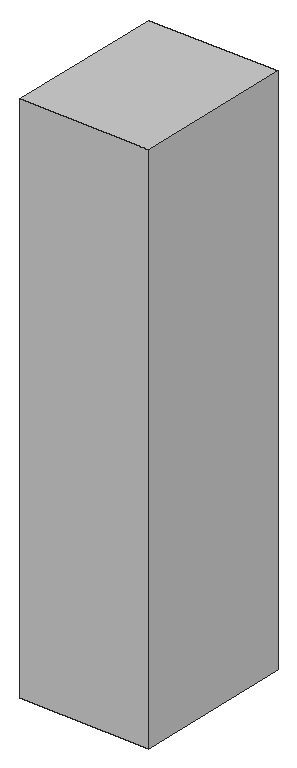
Revit family "Concrete Column Rectangular", category Structural Columns, Revit 2015
Parameters (values of type "600x750mm")
  Width = 600 mm
  Length = 750 mm
  Structural Material [instance] = Concrete
Types (4, lengths in mm): name | Width | Length
  (no name) | 600 | 750
  300x450mm | 300 | 450
  450x600mm | 450 | 600
  600x750mm | 600 | 750
Reference planes
  plane 1 "Center (Front/Back)": y = 0
  plane 2: z = 0
  plane 3 "Center (Left/Right)": x = 0
  plane 4: x = -300
  plane 5: x = 300
  plane 6: y = 375
  plane 7: y = -375
Forms (mm)
  Extrusion 1, solid, material "Concrete" <- "Structural Material"
    sketch origin (0, 0, 0) x (1, 0, 0) y (0, 1, 0)
      loop
        line (-300, 375) -> (-300, -375) -> (300, -375) -> (300, 375) -> (-300, 375)
    from 0 to 2500
Dimensions and locks
  equal spacing: plane 4, plane 3 "Center (Left/Right)", plane 5
  equal spacing: plane 7, plane 1 "Center (Front/Back)", plane 6
  "Length": plane 7 to plane 6
  "Width": plane 4 to plane 5
  aligned and locked: Extrusion 1 sketch curve to plane 6
  aligned and locked: Extrusion 1 sketch curve to plane 7
  aligned and locked: Extrusion 1 sketch curve to plane 4
  aligned and locked: Extrusion 1 sketch curve to plane 5
  aligned and locked: level to Extrusion 1
  aligned and locked: level to plane 2
  aligned and locked: Extrusion 1 to plane 2
